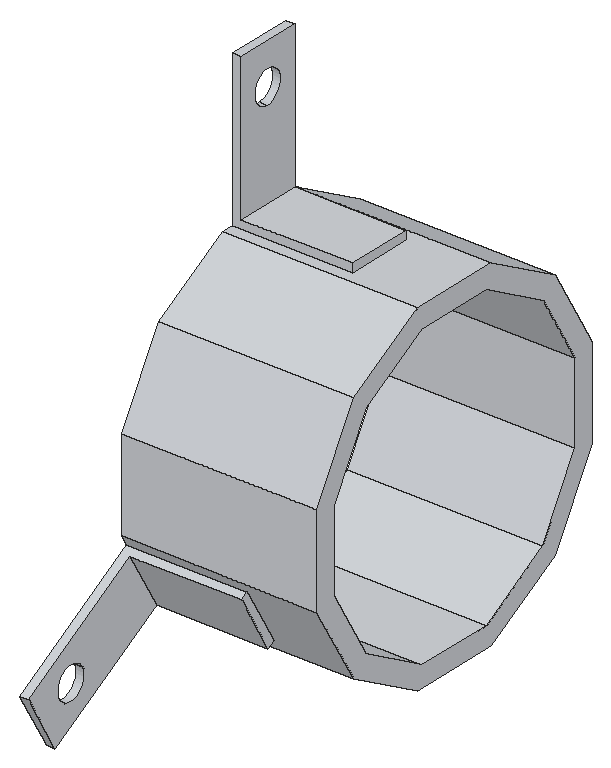
Revit family "63R", category Pipe Accessories, Revit 2019
Family settings
  Round Connector Dimension = Use Diameter
  Part Type = Breaks Into
  Work Plane-Based = No
  Always vertical = No
  Cut with Voids When Loaded = No
  Shared = No
Parameters
  URL = "https://www.snapcollars.com.au/"
  Model = "63R"
  Manufacturer = "Snap Fire Systems"
  Description = "The 63R is a metal, retro-fit fire collar for fire-rated plasterboard, concrete and masonry walls, and concrete floor slabs."
Reference planes
  plane 1 "Center (Front/Back)": y = 0
  plane 2: z = 0
  plane 3 "Center (Left/Right)": x = -139.129
  plane 4: x = -230
  plane 5: x = -188.636
  plane 6: x = -190
Forms (mm)
  Extrusion 1, solid, material "PVC-White", not visible, detail levels fine
    sketch origin (0, 0, 0) x (1, 0, 0) y (0, 0, 1)
      loop
        line (-80, 60.418) -> (-227.967, 86.048) -> (-227.967, 69.12) -> (-80, 60.418)
    from -1.5 to 1.5
  Extrusion 2, solid, material "PVC-White", not visible, detail levels fine
    sketch origin (0, 0, 0) x (1, 0, 0) y (0, -0.5, 0.866025)
      loop
        line (-80, 60.418) -> (-227.967, 86.048) -> (-227.967, 69.12) -> (-80, 60.418)
    from -1.5 to 1.5
  Extrusion 3, solid, material "PVC-White", not visible, detail levels fine
    sketch origin (0, 0, 0) x (1, 0, 0) y (0, -0.866025, 0.5)
      loop
        line (-80, 60.418) -> (-227.967, 86.048) -> (-227.967, 69.12) -> (-80, 60.418)
    from -1.5 to 1.5
  Extrusion 4, solid, material "PVC-White", not visible, detail levels fine
    sketch origin (0, 0, 0) x (0, -1, 0) y (-1, 0, 0)
      loop
        line (60.418, 80) -> (86.048, 227.967) -> (69.12, 227.967) -> (60.418, 80)
    from -1.5 to 1.5
  Extrusion 5, solid, material "PVC-White", not visible, detail levels fine
    sketch origin (0, 0, 0) x (1, 0, 0) y (0, -0.866025, -0.5)
      loop
        line (-80, 60.418) -> (-227.967, 86.048) -> (-227.967, 69.12) -> (-80, 60.418)
    from -1.5 to 1.5
  Extrusion 6, solid, material "PVC-White", not visible, detail levels fine
    sketch origin (0, 0, 0) x (1, 0, 0) y (0, -0.5, -0.866025)
      loop
        line (-80, 60.418) -> (-227.967, 86.048) -> (-227.967, 69.12) -> (-80, 60.418)
    from -1.5 to 1.5
  Extrusion 7, solid, material "PVC-White", not visible, detail levels fine
    sketch origin (0, 0, 0) x (1, 0, 0) y (0, 0, -1)
      loop
        line (-80, 60.418) -> (-227.967, 86.048) -> (-227.967, 69.12) -> (-80, 60.418)
    from -1.5 to 1.5
  Extrusion 8, solid, material "PVC-White", not visible, detail levels fine
    sketch origin (0, 0, 0) x (1, 0, 0) y (0, 0.5, -0.866025)
      loop
        line (-80, 60.418) -> (-227.967, 86.048) -> (-227.967, 69.12) -> (-80, 60.418)
    from -1.5 to 1.5
  Extrusion 9, solid, material "PVC-White", not visible, detail levels fine
    sketch origin (0, 0, 0) x (1, 0, 0) y (0, 0.866025, -0.5)
      loop
        line (-80, 60.418) -> (-227.967, 86.048) -> (-227.967, 69.12) -> (-80, 60.418)
    from -1.5 to 1.5
  Extrusion 10, solid, material "PVC-White", not visible, detail levels fine
    sketch origin (0, 0, 0) x (1, 0, 0) y (0, 1, 0)
      loop
        line (-80, 60.418) -> (-227.967, 86.048) -> (-227.967, 69.12) -> (-80, 60.418)
    from -1.5 to 1.5
  Extrusion 11, solid, material "PVC-White", not visible, detail levels fine
    sketch origin (0, 0, 0) x (1, 0, 0) y (0, 0.866025, 0.5)
      loop
        line (-80, 60.418) -> (-227.967, 86.048) -> (-227.967, 69.12) -> (-80, 60.418)
    from -1.5 to 1.5
  Extrusion 12, solid, material "PVC-White", not visible, detail levels fine
    sketch origin (0, 0, 0) x (1, 0, 0) y (0, 0.5, 0.866025)
      loop
        line (-80, 60.418) -> (-227.967, 86.048) -> (-227.967, 69.12) -> (-80, 60.418)
    from -1.5 to 1.5
  Extrusion 13, solid
    sketch origin (-230, 2000, 1200) x (0, 1, 0) y (0, 0, 1)
      loop
        line (-1990.354, -1164) -> (-2009.646, -1164) -> (-2026.354, -1173.646) -> (-2036, -1190.354) -> (-2036, -1209.646) -> (-2026.354, -1226.354) -> (-2009.646, -1236) -> (-1990.354, -1236) -> (-1973.646, -1226.354) -> (-1964, -1209.646) -> (-1964, -1190.354) -> (-1973.646, -1173.646) -> (-1990.354, -1164)
      loop
        line (-1989.014, -1159) -> (-2010.986, -1159) -> (-2030.014, -1169.986) -> (-2041, -1189.014) -> (-2041, -1210.986) -> (-2030.014, -1230.014) -> (-2010.986, -1241) -> (-1989.014, -1241) -> (-1969.986, -1230.014) -> (-1959, -1210.986) -> (-1959, -1189.014) -> (-1969.986, -1169.986) -> (-1989.014, -1159)
    from 0 to 46.5
  Extrusion 14, solid, not visible
    sketch origin (-230, 23.225, 34.758) x (0, -0.92388, 0.382683) y (1, 0, 0)
      loop
        line (16.311, 91) -> (0, 91) -> (0, 65) -> (16.311, 65) -> (16.311, 91)
    from 0 to 3
  Extrusion 15, solid, not visible
    sketch origin (-230, 24.373, 37.53) x (0, -0.92388, 0.382683) y (1, 0, 0)
      loop
        line (16.311, 91) -> (0, 91) -> (0, 88) -> (16.311, 88) -> (16.311, 91)
    from 0 to 21
  Extrusion 16, solid, not visible
    sketch origin (-230, 29.556, 29.418) x (0, -0.828512, 0.559971) y (1, 0, 0)
      loop
        line (16.311, 91) -> (0, 91) -> (0, 65) -> (16.311, 65) -> (16.311, 91)
    from 0 to 3
  Extrusion 17, solid, not visible
    sketch origin (-230, 31.236, 31.904) x (0, -0.828512, 0.559971) y (1, 0, 0)
      loop
        line (16.311, 91) -> (0, 91) -> (0, 88) -> (16.311, 88) -> (16.311, 91)
    from 0 to 21
  Extrusion 18, solid, not visible
    sketch origin (-230, -15.852, 38.571) x (0, -0.83464, -0.550797) y (1, 0, 0)
      loop
        line (16.311, 91) -> (0, 91) -> (0, 65) -> (16.311, 65) -> (16.311, 91)
    from 0 to 3
  Extrusion 19, solid, not visible
    sketch origin (-230, -17.504, 41.075) x (0, -0.83464, -0.550797) y (1, 0, 0)
      loop
        line (16.311, 91) -> (0, 91) -> (0, 88) -> (16.311, 88) -> (16.311, 91)
    from 0 to 21
  Extrusion 20, solid, not visible
    sketch origin (-230, 29.261, -29.712) x (0, 0.564361, 0.825528) y (1, 0, 0)
      loop
        line (16.311, 91) -> (0, 91) -> (0, 65) -> (16.311, 65) -> (16.311, 91)
    from 0 to 3
  Extrusion 21, solid, not visible
    sketch origin (-230, 31.738, -31.405) x (0, 0.564361, 0.825528) y (1, 0, 0)
      loop
        line (16.311, 91) -> (0, 91) -> (0, 88) -> (16.311, 88) -> (16.311, 91)
    from 0 to 21
  Extrusion 22, solid, not visible
    sketch origin (-230, -38.657, -15.64) x (0, 0.54621, -0.837649) y (1, 0, 0)
      loop
        line (16.311, 91) -> (0, 91) -> (0, 65) -> (16.311, 65) -> (16.311, 91)
    from 0 to 3
  Extrusion 23, solid, not visible
    sketch origin (-230, -41.17, -17.279) x (0, 0.54621, -0.837649) y (1, 0, 0)
      loop
        line (16.311, 91) -> (0, 91) -> (0, 88) -> (16.311, 88) -> (16.311, 91)
    from 0 to 21
  Extrusion 24, solid
    sketch origin (0, 0, 24.882) x (1, 0, 0) y (0, 0, 1)
      loop
        line (-201.343, 16.118) -> (-201.343, 18.118) -> (-228.024, 18.118) -> (-228.024, 53) -> (-230, 53) -> (-230, 40) -> (-230, 16.118) -> (-201.343, 16.118)
    from -8 to 8
  Extrusion 25, void
    sketch origin (-228.024, 0, 77.882) x (0, 0, -1) y (0, 1, 0)
      loop
        circle (10, 0) r 4
    from -10.829 to 2.558
  Extrusion 26, solid, not visible
    sketch origin (0, 0, 24.882) x (1, 0, 0) y (0, 0, 1)
      loop
        line (-201.343, 16.118) -> (-201.343, 18.118) -> (-228.024, 18.118) -> (-228.024, 53) -> (-230, 53) -> (-230, 40) -> (-230, 16.118) -> (-201.343, 16.118)
    from -8 to 8
  Extrusion 27, void, not visible
    sketch origin (-228.024, 0, 77.882) x (0, 0, -1) y (0, 1, 0)
      loop
        circle (10, 0) r 4
    from -10.829 to 2.558
  Extrusion 28, solid
    sketch origin (0, -21.549, -12.441) x (1, 0, 0) y (0, -0.866025, -0.5)
      loop
        line (-201.343, 16.118) -> (-201.343, 18.118) -> (-228.024, 18.118) -> (-228.024, 53) -> (-230, 53) -> (-230, 40) -> (-230, 16.118) -> (-201.343, 16.118)
    from -8 to 8
  Extrusion 29, void
    sketch origin (-228.024, -67.448, -38.941) x (0, 0.866025, 0.5) y (0, -0.5, 0.866025)
      loop
        circle (10, 0) r 4
    from -10.829 to 2.558
  Extrusion 30, solid
    sketch origin (0, 21.549, -12.441) x (1, 0, 0) y (0, 0.866025, -0.5)
      loop
        line (-201.343, 16.118) -> (-201.343, 18.118) -> (-228.024, 18.118) -> (-228.024, 53) -> (-230, 53) -> (-230, 40) -> (-230, 16.118) -> (-201.343, 16.118)
    from -8 to 8
  Extrusion 31, void
    sketch origin (-228.024, 67.448, -38.941) x (0, -0.866025, 0.5) y (0, -0.5, -0.866025)
      loop
        circle (10, 0) r 4
    from -10.829 to 2.558
Cuts and joins
  Extrusion 25, Extrusion 29 cuts Extrusion 24
  Extrusion 29 cuts Extrusion 28
  Extrusion 31 cuts Extrusion 30
Lines and regions (mm)
  model lines
    curve 1: circle (-230, 0, 0) r 36 normal (1, 0, 0)
    curve 2: circle (-230, 0, 0) r 78 normal (1, 0, 0)
    curve 3: circle (-230, 0, 0) r 68 normal (1, 0, 0)
Dimensions and locks
  locked: plane 4 to plane 3 "Center (Left/Right)" at 90.871
  Extrusion 1 sketch curve to Extrusion 1 sketch curve = 0 mm
  Extrusion 2 sketch curve to Extrusion 2 sketch curve = 0 mm
  Extrusion 3 sketch curve to Extrusion 3 sketch curve = 0 mm
  Extrusion 4 sketch curve to Extrusion 4 sketch curve = 0 mm
  Extrusion 5 sketch curve to Extrusion 5 sketch curve = 0 mm
  Extrusion 6 sketch curve to Extrusion 6 sketch curve = 0 mm
  Extrusion 7 sketch curve to Extrusion 7 sketch curve = 0 mm
  Extrusion 8 sketch curve to Extrusion 8 sketch curve = 0 mm
  Extrusion 9 sketch curve to Extrusion 9 sketch curve = 0 mm
  Extrusion 10 sketch curve to Extrusion 10 sketch curve = 0 mm
  Extrusion 11 sketch curve to Extrusion 11 sketch curve = 0 mm
  Extrusion 12 sketch curve to Extrusion 12 sketch curve = 0 mm
  aligned and locked: level to plane 2
Connectors
  piping at (-190, 0, 0), diameter 72
    settings: on plane 6, index 4, connector inside diameter 609.6 mm, connector length 0 mm, flow factor 0, pipe flow 0.0 L/s, pressure drop 0.0 Pa, fitting loss kfactor 0, connector angle 0.00°, fixture units 0, engagement length 0 mm, angle of deflection 0.00°, flow configuration 0, flow direction 0, fitting loss method 0, system type 7, joint type 0, gender type 0, connector reference index -1, connector utility 0, adjustable connector no, is connector primary yes, connector description ""
  piping at (-188.636, 0, 0), diameter 72
    settings: on plane 5, index 5, connector inside diameter 609.6 mm, connector length 0 mm, flow factor 0, pipe flow 0.0 L/s, pressure drop 0.0 Pa, fitting loss kfactor 0, connector angle 0.00°, fixture units 0, engagement length 0 mm, angle of deflection 0.00°, flow configuration 0, flow direction 0, fitting loss method 0, system type 7, joint type 0, gender type 0, connector reference index -1, connector utility 0, adjustable connector no, is connector primary no, connector description ""
